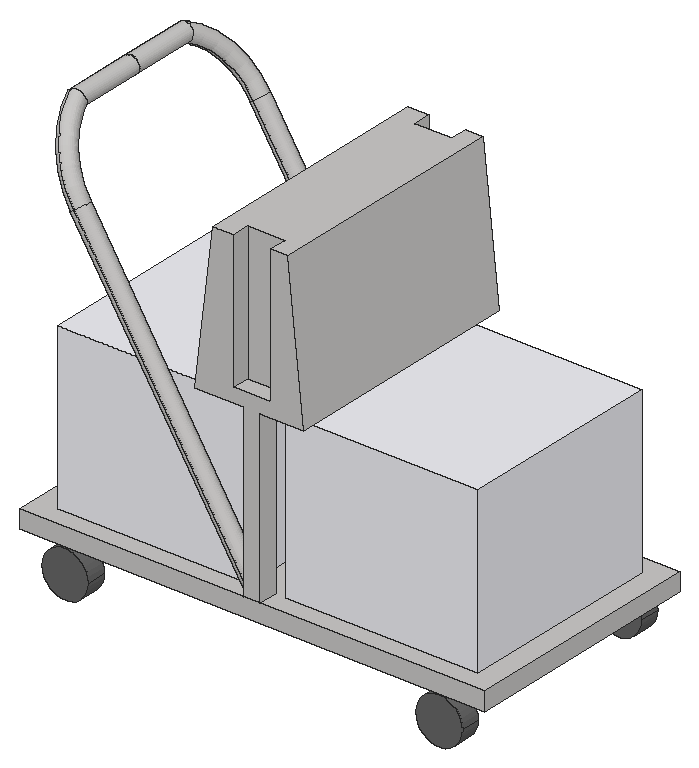
Revit family "Тележка для уборочного инвентаря", category Оборудование, Revit 2017
Family settings
  Размер круглого соединителя = Использовать радиус
  Тип детали = Вставляется
  На основе рабочей плоскости = Нет
  Всегда вертикально = Да
  При загрузке вырезать с полостями = Нет
  Общий = Нет
  Точка расчета площади = Нет
Parameters
  Общ_Ширина = 800.0 mm
  Общ_Тип, марка = ""
  Общ_Примечание = ""
  Общ_Поставщик = "ЭкоКоллекция"
  Общ_Позиция = ""
  Общ_Наименование = "Тележка уборочная с 2-мя вёдрами"
  Общ_Масса = ""
  Общ_Код продукции = ""
  Общ_Единицы измерения = "шт."
  Общ_Глубина = 420.0 mm
  Общ_Высота = 1200.0 mm
  Keynote = ""
Reference planes
  plane 1 "По центру (Вперед/Назад)": y = 0
  plane 2: z = 0
  plane 3 "По центру (Влево/Вправо)": x = 0
  plane 4: x = -400
  plane 5: x = 400
  plane 6: y = 210
  plane 7: y = -210
  plane 8: z = 930
  plane 9: through (-445.453, -1524, 823.66) normal (0.848, 0, 0.5299)
Forms (mm)
  Extrusion 1, solid, material "Сталь", detail levels fine
    sketch origin (0, 0, 0) x (1, 0, 0) y (0, 1, 0)
      loop
        line (-400, 210) -> (-400, -210) -> (400, -210) -> (400, 210) -> (-400, 210)
    from 82.135 to 113.045
  Extrusion 2, solid, material "Пластик черного оттенка", detail levels fine
    sketch origin (0, 0, -1.511) x (1, 0, 0) y (0, 0, 1)
      loop
        circle (-321.745, 41.511) r 40
      loop
        circle (321.745, 41.511) r 40
    from 176.677 to 210
  Extrusion 3, solid, material "Пластик черного оттенка", detail levels fine
    sketch origin (0, 0, -1.511) x (1, 0, 0) y (0, 0, -1)
      loop
        circle (-321.745, -41.511) r 40
      loop
        circle (321.745, -41.511) r 40
    from 176.677 to 210
  Extrusion 4, solid, material "Пластик", detail levels fine
    sketch origin (0, 0, 0) x (1, 0, 0) y (0, 1, 0)
      loop
        line (-361.745, 176.677) -> (-361.745, -176.602) -> (-31.745, -176.602) -> (-31.745, 176.677) -> (-361.745, 176.677)
      loop
        line (361.745, 176.677) -> (31.745, 176.677) -> (31.745, -176.602) -> (361.745, -176.602) -> (361.745, 176.677)
    from 113.045 to 395.315
  Extrusion 5, solid, material "Сталь", detail levels fine
    sketch origin (0, 0, 0) x (1, 0, 0) y (0, 0, 1)
      loop
        line (-68.305, 665.662) -> (-99.35, 405.662) -> (-14.245, 405.662) -> (-14.245, 113.045) -> (13.256, 113.045) -> (13.256, 405.662) -> (88.812, 405.662) -> (61.485, 665.662) -> (-68.305, 665.662)
    from -210 to 210
  Extrusion 6, void, detail levels fine
    sketch origin (0, 0, 0) x (0, 1, 0) y (0, 0, 1)
      loop
        line (185.617, 381.66) -> (-176.602, 381.66) -> (-176.602, 113.045) -> (185.617, 113.045) -> (185.617, 381.66)
      loop
        line (210, 665.662) -> (180, 665.662) -> (180, 430.662) -> (210, 430.662) -> (210, 665.662)
      loop
        line (-210, 665.662) -> (-210, 430.662) -> (-180, 430.662) -> (-180, 665.662) -> (-210, 665.662)
    from -31.745 to 31.745
  Sweep 7, solid, material "Сталь"
    path origin (-445.453, -1524, 823.66) x (-0.529919, 0, 0.848048) y (0, -1, 0)
      loop
        line (-837.155, -1330.732) -> (-257.155, -1330.732)
        arc (-257.155, -1330.732) -> (-182.323, -1351.485) -> (-128.868, -1407.815) r 145.295
        line (-128.868, -1407.815) -> (-128.868, -1524)
    profile origin (-155.505, -193.268, 359.646) x (0, -1, 0) y (0.848048, 0, 0.529919)
      loop
        circle (0, 0) r 15
  Sweep 8, solid, material "Сталь"
    path origin (-445.453, 1524, 823.66) x (-0.529919, 0, 0.848048) y (0, -1, 0)
      loop
        line (-837.155, 1330.732) -> (-257.155, 1330.732)
        arc (-257.155, 1330.732) -> (-182.323, 1351.485) -> (-128.868, 1407.815) r 145.295
        line (-128.868, 1407.815) -> (-128.868, 1524)
    profile origin (-155.505, 193.268, 359.646) x (0, -1, 0) y (0.848048, 0, 0.529919)
      loop
        circle (0, 0) r 15
Cuts and joins
  Extrusion 6 cuts Extrusion 1
  Extrusion 6 cuts Extrusion 4
  Extrusion 6 cuts Extrusion 5
Lines and regions (mm)
  symbolic lines, style "MechanicalEquipmentHiddenLines", detail levels coarse+medium
    curve 1: line (400, -210, 0) -> (-400, -210, 0)
    curve 2: line (400, 210, 0) -> (400, -210, 0)
    curve 3: line (-400, 210, 0) -> (400, 210, 0)
    curve 4: line (-400, -210, 0) -> (-400, 210, 0)
    curve 7: line (353.514, 176.677, 0) -> (268.655, 176.677, 0)
    curve 11: line (353.514, -176.677, 0) -> (268.655, -176.677, 0)
    curve 15: line (-353.514, 176.677, 0) -> (-268.655, 176.677, 0)
    curve 19: line (-353.514, -176.677, 0) -> (-268.655, -176.677, 0)
  symbolic lines, style "MechanicalEquipmentHiddenLines", detail levels medium
    curve 5: line (268.655, 201.333, 0) -> (353.514, 201.333, 0)
    curve 6: line (268.655, 176.677, 0) -> (268.655, 201.333, 0)
    curve 8: line (353.514, 201.333, 0) -> (353.514, 176.677, 0)
    curve 9: line (268.655, -201.333, 0) -> (353.514, -201.333, 0)
    curve 10: line (268.655, -176.677, 0) -> (268.655, -201.333, 0)
    curve 12: line (353.514, -201.333, 0) -> (353.514, -176.677, 0)
    curve 13: line (-268.655, 201.333, 0) -> (-353.514, 201.333, 0)
    curve 14: line (-268.655, 176.677, 0) -> (-268.655, 201.333, 0)
    curve 16: line (-353.514, 201.333, 0) -> (-353.514, 176.677, 0)
    curve 17: line (-268.655, -201.333, 0) -> (-353.514, -201.333, 0)
    curve 18: line (-268.655, -176.677, 0) -> (-268.655, -201.333, 0)
    curve 20: line (-353.514, -201.333, 0) -> (-353.514, -176.677, 0)
  symbolic lines, detail levels coarse+medium
    curve 21: line (400, 210, 0) -> (-400, 210, 0)
    curve 22: line (-400, 210, 0) -> (-400, -210, 0)
    curve 23: line (-400, -210, 0) -> (400, -210, 0)
    curve 24: line (400, -210, 0) -> (400, 210, 0)
    curve 25: line (361.745, 176.677, 0) -> (31.745, 176.677, 0)
    curve 26: line (31.745, 176.677, 0) -> (31.745, -176.602, 0)
    curve 27: line (31.745, -176.602, 0) -> (361.745, -176.602, 0)
    curve 28: line (361.745, -176.602, 0) -> (361.745, 176.677, 0)
    curve 29: line (-31.745, 176.677, 0) -> (-361.745, 176.677, 0)
    curve 30: line (-361.745, 176.677, 0) -> (-361.745, -176.602, 0)
    curve 31: line (-361.745, -176.602, 0) -> (-31.745, -176.602, 0)
    curve 32: line (-31.745, -176.602, 0) -> (-31.745, 176.677, 0)
Dimensions and locks
  equal spacing: plane 4, plane 3 "По центру (Влево/Вправо)", plane 5
  "Общ_Ширина": plane 4 to plane 5
  equal spacing: plane 6, plane 1 "По центру (Вперед/Назад)", plane 7
  "Общ_Глубина": plane 6 to plane 7
  plane 5 to plane 4 = 800.0 mm
  aligned and locked: level to plane 2
  aligned and locked: Extrusion 1 sketch curve to plane 6
  aligned and locked: plane 4 to Extrusion 1 sketch curve
  aligned and locked: plane 7 to Extrusion 1 sketch curve
  aligned and locked: Extrusion 1 sketch curve to plane 5
Automatic sketch dimensions
  plane 4 to Extrusion 2 sketch curve = 78.255 mm
  Extrusion 2 sketch curve to plane 5 = 78.255 mm
  level to Extrusion 2 sketch curve = 40.0 mm  (x2)
  plane 4 to Extrusion 3 sketch curve = 78.255 mm
  Extrusion 3 sketch curve to plane 5 = 78.255 mm
  level to Extrusion 3 sketch curve = 40.0 mm  (x2)
  plane 4 to Extrusion 4 sketch curve = 38.255 mm
  Extrusion 4 sketch curve to plane 3 "По центру (Влево/Вправо)" = 31.745 mm
  plane 3 "По центру (Влево/Вправо)" to Extrusion 4 sketch curve = 31.745 mm
  Extrusion 4 sketch curve to plane 5 = 38.255 mm
  plane 7 to Extrusion 4 sketch curve = 33.398 mm  (x2)
  Extrusion 4 sketch curve to plane 6 = 33.323 mm  (x2)
  Extrusion 5 sketch curve to plane 3 "По центру (Влево/Вправо)" = 99.35 mm
  Extrusion 5 sketch curve to plane 3 "По центру (Влево/Вправо)" = 68.305 mm
  Extrusion 5 sketch curve to plane 3 "По центру (Влево/Вправо)" = 14.245 mm
  plane 3 "По центру (Влево/Вправо)" to Extrusion 5 sketch curve = 13.256 mm
  plane 3 "По центру (Влево/Вправо)" to Extrusion 5 sketch curve = 61.485 mm
  Extrusion 5 sketch curve to Extrusion 5 sketch curve = 75.557 mm
  level to Extrusion 5 sketch curve = 113.045 mm
  Extrusion 5 sketch curve to Extrusion 5 sketch curve = 292.617 mm
  Extrusion 5 sketch curve to Extrusion 5 sketch curve = 0.0 mm
  Extrusion 5 sketch curve to Extrusion 5 sketch curve = 260.0 mm
  Extrusion 6 sketch curve to plane 7 = 0.0 mm
  Extrusion 6 sketch curve to plane 6 = 0.0 mm
  plane 7 to Extrusion 6 sketch curve = 30.0 mm
  plane 7 to Extrusion 6 sketch curve = 33.398 mm
  Extrusion 6 sketch curve to plane 6 = 30.0 mm
  Extrusion 6 sketch curve to plane 6 = 24.383 mm
  level to Extrusion 6 sketch curve = 113.045 mm
  Extrusion 6 sketch curve to Extrusion 6 sketch curve = 268.615 mm
  Extrusion 6 sketch curve to Extrusion 6 sketch curve = 49.002 mm  (x2)
  Extrusion 6 sketch curve to Extrusion 6 sketch curve = 235.0 mm  (x2)
  plane 1 "По центру (Вперед/Назад)" to Sweep 7 sketch curve = 0.0 mm
  plane 1 "По центру (Вперед/Назад)" to Sweep 7 sketch curve = 47.973 mm
  Sweep 7 sketch curve to Sweep 7 sketch curve = 128.288 mm
  plane 7 to Sweep 7 sketch curve = 93.815 mm
  Sweep 7 sketch curve to Sweep 7 sketch curve = 580.0 mm
  Sweep 7 sketch curve to plane 9 = 0.0 mm
  Sweep 7 sketch curve to profile plane = 0.0 mm
  plane 1 "По центру (Вперед/Назад)" to Sweep 8 sketch curve = 0.0 mm
  Sweep 8 sketch curve to plane 1 "По центру (Вперед/Назад)" = 47.973 mm
  Sweep 8 sketch curve to Sweep 8 sketch curve = 128.288 mm
  Sweep 8 sketch curve to plane 6 = 93.815 mm
  Sweep 8 sketch curve to Sweep 8 sketch curve = 580.0 mm
  Sweep 8 sketch curve to plane 9 = 0.0 mm
  Sweep 8 sketch curve to profile plane = 0.0 mm
  curve 1 to plane 4 = 0.0 mm
  curve 2 to plane 5 = 0.0 mm
  curve 1 to plane 7 = 0.0 mm
  curve 4 to plane 6 = 0.0 mm
  plane 7 to curve 20 = 8.667 mm
  curve 13 to plane 6 = 8.667 mm
  plane 7 to curve 11 = 33.323 mm
  curve 11 to plane 5 = 131.345 mm
  curve 7 to plane 6 = 33.323 mm
  curve 7 to plane 5 = 131.345 mm
  curve 12 to plane 5 = 46.486 mm
  curve 8 to plane 5 = 46.486 mm
  plane 7 to curve 12 = 8.667 mm
  curve 17 to curve 18 = 24.657 mm
  curve 15 to curve 13 = 24.657 mm
  curve 6 to plane 6 = 8.667 mm
  plane 3 "По центру (Влево/Вправо)" to curve 27 = 31.745 mm
  curve 11 to curve 28 = 8.231 mm
  plane 7 to curve 26 = 33.398 mm
  curve 7 to curve 28 = 0.0 mm
  curve 31 to curve 19 = 8.231 mm
  curve 31 to plane 3 "По центру (Влево/Вправо)" = 31.745 mm
  curve 19 to curve 30 = 0.075 mm
  curve 29 to plane 6 = 33.323 mm
  curve 13 to curve 14 = 84.859 mm
  curve 19 to curve 18 = 84.859 mm
  plane 4 to curve 30 = 38.255 mm
  curve 29 to curve 15 = 8.231 mm
  radius of Extrusion 2 sketch curve = 40.0 mm  (x2)
  radius of Extrusion 3 sketch curve = 40.0 mm  (x2)
  radius of Sweep 7 sketch curve = 15.0 mm
  radius of Sweep 8 sketch curve = 15.0 mm
